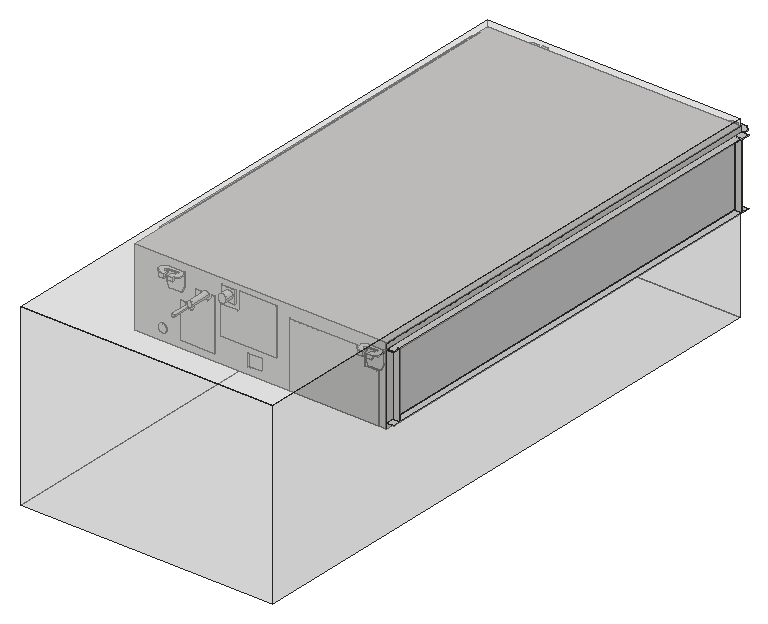
Revit family "outputfile", category 機械設備, Revit 2024
Family settings
  丸型コネクタ寸法 = 半径を使用
  パーツ タイプ = 標準
  OmniClass 番号 = 23.75.10.24.21.27.27
  OmniClass タイトル = Split System Air Conditioning Units
  作業面ベース = いいえ
  常に垂直 = はい
  ロード時にボイドで切り取り = いいえ
  注釈の向きを維持 = いいえ
  共有 = いいえ
  部屋計算ポイント = はい
Parameters (values of type "FBA85BVMA")
  製造元 = "Daikin"
  書き出し IFC クラス(タイプ) = "IfcUnitaryEquipmentType"
  定義済み IFC タイプ(タイプ) = "AIRCONDITIONINGUNIT"
  モデル = "FBA85BVMA"
  switch_frequency = yes
  r_Liquid Pipe Size = Liquid Pipe Size / 2  # 4.75 mm
  r_Gas Pipe Size = Gas Pipe Size / 2  # 7.95 mm
  r_Drain Pipe Size = Drain Pipe Size / 2  # 12.5 mm
  lw_power = 770.0 mm  # constant formula
  lh_SA = 138.0 mm  # constant formula
  lw_SA = if(Width = 550.0 mm, 225.0 mm, if(Width = 700.0 mm, 300.0 mm, if(Width = 1000.0 mm, 450.0 mm, if(Width = 1400.0 mm, 650.0 mm, 725.0 mm))))  # 650.0 mm
  lw_RA = if(Width = 550.0 mm, 275.0 mm, if(Width = 700.0 mm, 349.0 mm, if(Width = 1000.0 mm, 499.0 mm, if(Width = 1400.0 mm, 699.0 mm, 775.0 mm))))  # 699.0 mm
  lh_power = 60.0 mm + [h***]  # 60.0 mm
  lh_mountinghole1 = lh_mountinghole + [h***]  # 222.0 mm
  lh_RA = 123.0 mm  # constant formula
  ld_power = Width / 2  # 700.0 mm
  connector_voltage = Voltage_50Hz  # 230 V
  connector_powerinput = [Power Input (Cooling)]  # 2.020 kW
  connector_phase = Phase_50Hz  # 1
  Voltage_comment_60Hz = "220-230"
  Voltage_comment_50Hz = "220 - 240"
  Voltage_60Hz = 220 V
  Voltage_50Hz = 230 V
  Total Heating Capacity [instance] = 0.000 kW
  Supply Air Direction [instance] = yes
  Sound Power Level_H speed (dB) = 66
  Power Input (Heating) = 1.990 kW
  Phase_60Hz = 1
  Phase_50Hz = 1
  Nominal Heating Capacity = 8.000 kW
  Minimum External Static Pressure = 0.00 Pa
  Minimum Circuit Amps_60Hz = 0.0 A
  Minimum Circuit Amps_50Hz = 0.0 A
  Maximum Fuse Amps_60Hz = 0.0 A
  Maximum Fuse Amps_50Hz = 0.0 A
  Maximum External Static Pressure = 0.00 Pa
  Material_Casing = DAIKIN_GalvanizedSteel_Casing_indoorunit
  lw_mountinghole = 630.0 mm  # constant formula
  lh_gaspipe = 183.0 mm + [h***]  # 183.0 mm
  lh_mountinghole = 222.0 mm  # constant formula
  lh_liquidpipe = 136.0 mm + [h***]  # 136.0 mm
  lh_drainpipe = 207.0 mm + [h***]  # 207.0 mm
  lh_antena = Height - lh_mountinghole + 1.0 mm  # 24.0 mm
  ld_drainpipe = Width / 2 + 26.0 mm  # 726.0 mm
  ld_liquidpipe = Width / 2 + 69.0 mm  # 769.0 mm
  ld_gaspipe = Width / 2 + 65.0 mm  # 765.0 mm
  ld_mountinghole = Width + 38.0 mm  # 1438.0 mm
  h*** = 0.0 mm  # constant formula
  lw_liquidpipe = 179.0 mm  # constant formula
  lw_gaspipe = 229.0 mm  # constant formula
  lw_drainpipe = 300.0 mm  # constant formula
  Width = 1400.0 mm
  Version = "ver.1.0"
  Unit Type = "Duct"
  Unit Mass Weight = 37.00 kg
  Unit Designation [instance] = ""
  Uniclass2015Version = "Products v1.30"
  Uniclass2015Title = "Split coil room air conditioning units"
  Uniclass2015Code = "Pr_70_65_03_86"
  Total Cooling Capacity [instance] = 0.000 kW
  Sound Pressure Level_M speed (dBA) = 35
  Sound Pressure Level_L speed (dBA) = 33
  Sound Pressure Level_H speed (dBA) = 38
  Series = "SkyAir_Fan Coil Unit"
  Sensible Cooling Capacity [instance] = 0.000 kW
  SA Duct Size Width = 1192.0 mm
  SA Duct Size Height = 176.0 mm
  Refrigerant Type = "R32"
  RA Duct Size Width = 1352.0 mm
  RA Duct Size Height = 208.0 mm
  Power Input (Cooling) = 2.020 kW
  Option Accessory 3 [instance] = ""
  Option Accessory 2 [instance] = ""
  Option Accessory 1 [instance] = ""
  Nominal Cooling Capacity = 7.000 kW
  Minimum Airflow = 960.00 m³/h
  Median Airflow = 1170.00 m³/h
  Maximum Airflow = 1380.00 m³/h
  Load Classification = HVAC
  Liquid Pipe Size = 9.5 mm
  Link_Nested Family [instance] = ""
  IfcVersion = ""
  IfcExportType = "AIRCONDITIONINGUNIT"
  IfcExportAs = "IfcUnitaryEquipmentType"
  Height = 245.0 mm
  Heating Entering Wet Bulb Temperature [instance] = -273.15 °C
  Heating Entering Dry Bulb Temperature [instance] = -273.15 °C
  Heating Ambient Wet Bulb Temperature [instance] = -273.15 °C
  Heating Ambient Dry Bulb Temperature [instance] = -273.15 °C
  Heat Exchanger Type = "Cross Fin Coil"
  Gas Pipe Size = 15.9 mm
  Frequency_60Hz = 60 Hz
  Frequency_50Hz = 50 Hz
  Fan Type = "Sirocco Fan"
  Fan Drive = "-"
  FCU Tag No. [instance] = ""
  Drain Pipe Size = 25.0 mm
  Design Supply Airflow [instance] = 0.00 m³/h
  Design Return Airflow [instance] = 0.00 m³/h
  Design External Static Pressure [instance] = 0.00 Pa
  Depth = 800.0 mm
  既定の高さ = 0.0 mm
  Cooling Entering Wet Bulb Temperature [instance] = 0.00 °C
  Cooling Entering Dry Bulb Temperature [instance] = 0.00 °C
  Cooling Ambient Wet Bulb Temperature [instance] = 0.00 °C
  Cooling Ambient Dry Bulb Temperature [instance] = 0.00 °C
  Clearance visibility [instance] = yes
  Clearance Top = 20.0 mm
  Clearance Right = 0.0 mm
  Clearance Rear = 0.0 mm
  Clearance Left = 0.0 mm
  Clearance Front = 450.0 mm
  Clearance Bottom = 300.0 mm
Reference planes
  plane 1 "Center (Front/Back)": y = 0
  plane 2 "h": z = 0
  plane 3 "Center (Left/Right)": x = 0
  plane 4 "Back": y = 700
  plane 5 "Front": y = -700
  plane 6 "Left": x = -400
  plane 7 "Right": x = 400
  plane 8 "Top": z = 0
  plane 9 "Bottom": z = -245
  plane 10: y = -215
  plane 11: y = 700
  plane 12: y = -1150
  plane 13: x = -400
  plane 14: x = 400
  plane 15: z = 20
  plane 16: z = -545
  plane 17: x = -400
  plane 18: x = -399
  plane 19: x = 399
  plane 20: y = 50
  plane 21: y = -1
  plane 22: z = -122
  plane 23: y = -701
  plane 24: z = -109
  plane 25: x = -221
  plane 26: y = -765
  plane 27: z = -62
  plane 28: x = -171
  plane 29: y = -726
  plane 30: z = -38
  plane 31: x = -100
  plane 32: x = -100
  plane 33: x = -221
  plane 34: x = -171
  plane 35: x = 370
  plane 36: x = -266
  plane 37: x = 364
  plane 38: y = -719
  plane 39: y = 719
  plane 40: z = -23
  plane 41: z = -107
  plane 42: y = -769
  plane 43: z = -207
  plane 44: x = -309
  plane 45: y = -376
  plane 46: x = -251
  plane 47: x = -203
  plane 48: x = -144
  plane 49: z = -59
  plane 50: z = -106
  plane 51: z = -221
  plane 52: z = -109
  plane 53: x = -221
  plane 54: z = -62
  plane 55: x = -171
  plane 56: z = -17
  plane 57: z = -59
  plane 58: x = -121
  plane 59: x = -79
  plane 60: x = -125
  plane 61: x = -64
  plane 62: x = 53
  plane 63: z = -164
  plane 64: z = -73
  plane 65: z = -16
  plane 66: x = 93.5
  plane 67: x = 374.5
  plane 68: x = 330
  plane 69: z = -88.5
  plane 70: z = -38
  plane 71: z = -242.5
  plane 72: x = -38.5
  plane 73: x = 6.5
  plane 74: z = -181
  plane 75: z = -221
  plane 76: y = -699
  plane 77: x = -424
  plane 78: x = 424
Forms (mm)
  Extrusion 1, solid, material "DAIKIN_GalvanizedSteel_Casing_indoorunit" <- "Material_Casing"
    sketch origin (0, 0, 0) x (1, 0, 0) y (0, 1, 0)
      loop
        line (-399, 700) -> (-399, -700) -> (399, -700) -> (399, 700) -> (-399, 700)
    from -245 to 0
  Extrusion 2, solid, material "DAIKIN_GalvanizedSteel_Casing_indoorunit" <- "Material_Casing"
    sketch origin (0, 0, 0) x (1, 0, 0) y (0, 0, 1)
      loop
        line (-251, -221) -> (-144, -221) -> (-144, -59) -> (-154.47, -59)
        arc (-154.47, -59) -> (-171, -78.8) -> (-187.53, -59) r 16.8
        line (-187.53, -59) -> (-203, -59) -> (-203, -106) -> (-206.916, -106)
        arc (-206.916, -106) -> (-221, -123.4) -> (-235.084, -106) r 14.4
        line (-235.084, -106) -> (-251, -106) -> (-251, -221)
    from 700 to 701
  Extrusion 3, solid, material "DAIKIN_GalvanizedSteel_Casing_indoorunit" <- "Material_Casing"
    sketch origin (0, 0, 0) x (1, 0, 0) y (0, 0, 1)
      loop
        line (-121, -17) -> (-121, -59) -> (-79, -59) -> (-79, -17) -> (-121, -17)
      loop
        line (-125, -73) -> (-125, -164) -> (53, -164) -> (53, -16) -> (-64, -16) -> (-64, -73) -> (-125, -73)
    from 700 to 701
  Extrusion 4, solid, material "DAIKIN_GalvanizedSteel_Casing_indoorunit" <- "Material_Casing"
    sketch origin (0, 0, 0) x (1, 0, 0) y (0, 0, 1)
      loop
        line (93.5, -38) -> (93.5, -242.5) -> (374.5, -242.5) -> (374.5, -88.5) -> (330, -88.5) -> (330, -38) -> (93.5, -38)
    from 700 to 701
  Extrusion 5, solid, material "DAIKIN_GalvanizedSteel_Casing_indoorunit" <- "Material_Casing"
    sketch origin (0, 0, 0) x (1, 0, 0) y (0, 0, 1)
      loop
        circle (-221, -109) r 4.75
    from 700 to 769
  Extrusion 6, solid, material "DAIKIN_GalvanizedSteel_Casing_indoorunit" <- "Material_Casing"
    sketch origin (0, 0, 0) x (1, 0, 0) y (0, 0, 1)
      loop
        circle (-171, -62) r 7.95
    from 700 to 765
  Extrusion 7, solid, material "DAIKIN_GalvanizedSteel_Casing_indoorunit" <- "Material_Casing"
    sketch origin (0, 0, 0) x (1, 0, 0) y (0, 0, 1)
      loop
        circle (-100, -38) r 12.5
    from 701 to 726
  Extrusion 8, solid, material "DAIKIN_GalvanizedSteel_Casing_indoorunit" <- "Material_Casing"
    sketch origin (0, 0, 0) x (1, 0, 0) y (0, 0, 1)
      loop
        circle (-309, -207) r 13
    from 700 to 526
  Extrusion 9, void
    sketch origin (0, 0, 0) x (1, 0, 0) y (0, 0, 1)
      loop
        line (-38.5, -181) -> (-38.5, -221) -> (6.5, -221) -> (6.5, -181) -> (-38.5, -181)
    from 699 to 700
Cuts and joins
  Extrusion 9 cuts Extrusion 1
Dimensions and locks
  "Height": plane 8 "Top" to plane 9 "Bottom"
  equal spacing: plane 4 "Back", plane 1 "Center (Front/Back)", plane 5 "Front"
  "Width": plane 4 "Back" to plane 5 "Front"
  equal spacing: plane 6 "Left", plane 3 "Center (Left/Right)", plane 7 "Right"
  "Depth": plane 6 "Left" to plane 7 "Right"
  "Clearance Left": plane 13 to plane 6 "Left"
  "Clearance Right": plane 7 "Right" to plane 14
  "Clearance Rear": plane 11 to plane 4 "Back"
  "Clearance Front": plane 5 "Front" to plane 12
  "Clearance Top": plane 15 to plane 8 "Top"
  "Clearance Bottom": plane 9 "Bottom" to plane 16
  locked: plane 17 to plane 18 at 1
  locked: plane 19 to plane 14 at 1
  "lw_SA": plane 11 to plane 20
  "lw_RA": plane 21 to plane 5 "Front"
  "lh_RA": plane 22 to plane 9 "Bottom"
  locked: plane 5 "Front" to plane 23 at 1
  "lw_liquidpipe": plane 25 to plane 6 "Left"
  "lh_liquidpipe": plane 24 to plane 9 "Bottom"
  "lh_gaspipe": plane 27 to plane 9 "Bottom"
  "lw_gaspipe": plane 28 to plane 6 "Left"
  "ld_gaspipe": plane 26 to plane 1 "Center (Front/Back)"
  "ld_drainpipe": plane 29 to plane 1 "Center (Front/Back)"
  "lh_drainpipe": plane 30 to plane 9 "Bottom"
  "lw_drainpipe": plane 31 to plane 6 "Left"
  "lw_drainpipe": plane 6 "Left" to plane 32
  "lw_liquidpipe": plane 6 "Left" to plane 33
  "lw_gaspipe": plane 6 "Left" to plane 34
  "lw_power": plane 6 "Left" to plane 35
  locked: plane 17 to plane 36 at 134
  "lw_mountinghole": plane 36 to plane 37
  equal spacing: plane 38, plane 1 "Center (Front/Back)", plane 39
  "ld_mountinghole": plane 39 to plane 38
  "lh_mountinghole": plane 40 to plane 9 "Bottom"
  "lh_SA": plane 41 to plane 9 "Bottom"
  locked: plane 44 to plane 6 "Left" at 91
  locked: plane 43 to plane 9 "Bottom" at 38
  plane 48 to plane 47 to plane 46 to plane 6 "Left" = 59.0 mm, 48.0 mm, 149.0 mm
  plane 8 "Top" to plane 49 to plane 50 to plane 51 = 59.0 mm locked, 47.0 mm locked, 115.0 mm locked
  plane 55 to plane 53 to plane 6 "Left" = 50.0 mm locked, 179.0 mm locked
  plane 54 to plane 52 to plane 9 "Bottom" = 47.0 mm locked, 136.0 mm locked
  plane 59 to plane 58 to plane 6 "Left" = 42.0 mm locked, 279.0 mm locked
  plane 8 "Top" to plane 56 to plane 57 = 17.0 mm locked, 42.0 mm locked
  plane 62 to plane 61 to plane 60 to plane 6 "Left" = 117.0 mm, 61.0 mm, 275.0 mm
  plane 8 "Top" to plane 65 to plane 64 = 16.0 mm locked, 57.0 mm locked
  locked: plane 65 to plane 63 at 148
  plane 8 "Top" to plane 70 to plane 69 to plane 71 = 38.0 mm locked, 50.5 mm locked, 154.0 mm locked
  plane 67 to plane 68 to plane 66 to plane 6 "Left" = 44.5 mm locked, 236.5 mm locked, 493.5 mm locked
  plane 8 "Top" to plane 74 to plane 75 = 181.0 mm locked, 40.0 mm locked
  plane 73 to plane 72 to plane 6 "Left" = 45.0 mm, 361.5 mm
  locked: plane 76 to plane 5 "Front" at 1
  locked: plane 77 to plane 17 at 24
  locked: plane 14 to plane 78 at 24
  "ld_liquidpipe": plane 42 to plane 1 "Center (Front/Back)"
  "r_Liquid Pipe Size": radius of Extrusion 5 sketch curve
  "r_Gas Pipe Size": radius of Extrusion 6 sketch curve
  "r_Drain Pipe Size": radius of Extrusion 7 sketch curve
  aligned and locked: level to plane 2 "h"
  aligned and locked: plane 8 "Top" to Extrusion 1
  aligned and locked: Extrusion 1 to plane 9 "Bottom"
  aligned and locked: nested 5 to plane 12
  aligned and locked: plane 13 to nested 5
  aligned and locked: plane 14 to nested 5
  aligned and locked: nested 5 to plane 13
  aligned and locked: plane 11 to nested 5
  aligned and locked: plane 15 to nested 5
  aligned and locked: plane 16 to nested 5
  aligned and locked: plane 5 "Front" to Extrusion 1 sketch curve
  aligned and locked: Extrusion 1 to plane 18
  aligned and locked: plane 19 to Extrusion 1
  aligned and locked: nested 7 to plane 18
  aligned and locked: nested 7 to plane 20
  aligned and locked: plane 19 to nested 8
  aligned and locked: plane 21 to nested 8
  aligned and locked: plane 22 to nested 8
  aligned and locked: Extrusion 2 to plane 23
  aligned and locked: plane 5 "Front" to Extrusion 2
  aligned and locked: Extrusion 3 to plane 23
  aligned and locked: plane 5 "Front" to Extrusion 3
  aligned and locked: plane 5 "Front" to Extrusion 4
  aligned and locked: Extrusion 5 sketch curve to plane 25
  aligned and locked: plane 24 to Extrusion 5 sketch curve
  aligned and locked: plane 5 "Front" to Extrusion 5
  aligned and locked: Extrusion 6 sketch curve to plane 28
  aligned and locked: plane 27 to Extrusion 6 sketch curve
  aligned and locked: plane 5 "Front" to Extrusion 6
  aligned and locked: Extrusion 7 sketch curve to plane 31
  aligned and locked: Extrusion 7 sketch curve to plane 30
  aligned and locked: Extrusion 7 to plane 29
  aligned and locked: plane 23 to Extrusion 7
  aligned and locked: nested 3 to plane 29
  aligned and locked: nested 3 to plane 32
  aligned and locked: nested 2 to plane 33
  aligned and locked: nested 1 to plane 34
  aligned and locked: Extrusion 6 to plane 26
  aligned and locked: nested 1 to plane 26
  aligned and locked: nested 6 to plane 5 "Front"
  aligned and locked: nested 6 to plane 35
  aligned and locked: plane 36 to nested 10
  aligned and locked: nested 10 to plane 5 "Front"
  aligned and locked: plane 37 to nested 9
  aligned and locked: nested 9 to plane 5 "Front"
  aligned and locked: nested 11 to plane 36
  aligned and locked: plane 4 "Back" to nested 11
  aligned and locked: nested 12 to plane 37
  aligned and locked: plane 4 "Back" to nested 12
  aligned and locked: plane 40 to nested 10
  aligned and locked: plane 40 to nested 11
  aligned and locked: plane 40 to nested 9
  aligned and locked: plane 40 to nested 12
  aligned and locked: plane 36 to nested 14
  aligned and locked: nested 14 to plane 39
  aligned and locked: plane 37 to nested 13
  aligned and locked: nested 13 to plane 39
  aligned and locked: plane 37 to nested 16
  aligned and locked: plane 38 to nested 16
  aligned and locked: plane 38 to nested 15
  aligned and locked: plane 36 to nested 15
  aligned and locked: plane 17 to plane 6 "Left"
  aligned and locked: plane 41 to nested 7
  aligned and locked: Extrusion 5 to plane 42
  aligned and locked: nested 2 to plane 42
  aligned and locked: Extrusion 8 sketch curve to plane 44
  aligned and locked: plane 43 to Extrusion 8 sketch curve
  aligned and locked: plane 5 "Front" to Extrusion 8
  aligned and locked: Extrusion 3 sketch curve to plane 56
  aligned and locked: Extrusion 3 sketch curve to plane 58
  aligned and locked: plane 57 to Extrusion 3 sketch curve
  aligned and locked: plane 59 to Extrusion 3 sketch curve
  aligned and locked: Extrusion 4 to plane 23
  aligned and locked: Extrusion 9 sketch curve to plane 74
  aligned and locked: plane 75 to Extrusion 9 sketch curve
  aligned and locked: plane 73 to Extrusion 9 sketch curve
  aligned and locked: plane 5 "Front" to Extrusion 9
  aligned and locked: plane 76 to Extrusion 9
  aligned and locked: nested 17 to plane 20
  aligned and locked: nested 17 to plane 77
  aligned and locked: plane 21 to nested 18
  aligned and locked: plane 78 to nested 18
  aligned and locked: plane 41 to nested 17
  aligned and locked: nested 18 to plane 22
  aligned and locked: nested 4 to plane 3 "Center (Left/Right)"
  aligned and locked: plane 1 "Center (Front/Back)" to nested 4
  aligned and locked: level to plane 8 "Top"
Automatic sketch dimensions
  plane 6 "Left" to Extrusion 1 sketch curve = 1.0 mm
  Extrusion 1 sketch curve to plane 7 "Right" = 1.0 mm
  Extrusion 1 sketch curve to plane 4 "Back" = 0.0 mm
  Extrusion 2 sketch curve to plane 46 = 0.0 mm
  Extrusion 2 sketch curve to plane 33 = 0.0 mm
  Extrusion 2 sketch curve to plane 47 = 0.0 mm
  Extrusion 2 sketch curve to plane 34 = 0.0 mm
  Extrusion 2 sketch curve to plane 48 = 0.0 mm
  Extrusion 2 sketch curve to plane 51 = 0.0 mm
  Extrusion 2 sketch curve to plane 52 = 0.0 mm
  Extrusion 2 sketch curve to plane 50 = 0.0 mm  (x3)
  Extrusion 2 sketch curve to plane 54 = 0.0 mm
  Extrusion 2 sketch curve to plane 49 = 0.0 mm  (x3)
  plane 33 to Extrusion 2 sketch curve = 14.084 mm
  plane 34 to Extrusion 2 sketch curve = 16.53 mm
  Extrusion 3 sketch curve to plane 60 = 0.0 mm
  Extrusion 3 sketch curve to plane 61 = 0.0 mm
  Extrusion 3 sketch curve to plane 62 = 0.0 mm
  Extrusion 3 sketch curve to plane 63 = 0.0 mm
  Extrusion 3 sketch curve to plane 64 = 0.0 mm
  Extrusion 3 sketch curve to plane 65 = 0.0 mm
  Extrusion 4 sketch curve to plane 66 = 0.0 mm
  Extrusion 4 sketch curve to plane 68 = 0.0 mm
  Extrusion 4 sketch curve to plane 67 = 0.0 mm
  Extrusion 4 sketch curve to plane 71 = 0.0 mm
  Extrusion 4 sketch curve to plane 69 = 0.0 mm
  Extrusion 4 sketch curve to plane 70 = 0.0 mm
  Extrusion 9 sketch curve to plane 72 = 0.0 mm
  radius of Extrusion 8 sketch curve = 13.0 mm
Nested families
  nested 1: "daikin_connector_rotate2" at (-171, 0, -62), length <- "ld_gaspipe", built-in parameter 1001364 <- "lh_gaspipe", radius <- "r_Gas Pipe Size", type "daikin_connector_rotate2"
    with radius 7.95 mm, length 765.0 mm, angle_vertical 90.00°
  nested 2: "daikin_connector_rotate2" at (-221, 0, -109), length <- "ld_liquidpipe", built-in parameter 1001364 <- "lh_liquidpipe", radius <- "r_Liquid Pipe Size", type "daikin_connector_rotate2"
    with radius 4.75 mm, length 769.0 mm, angle_vertical 90.00°
  nested 3: "daikin_connector_rotate2" at (-100, 0, -38), length <- "ld_drainpipe", built-in parameter 1001364 <- "lh_drainpipe", radius <- "r_Drain Pipe Size", type "daikin_connector_rotate2"
    with radius 12.5 mm, length 726.0 mm, angle_vertical 90.00°
  nested 4: "daikin_△_symbolicline" at (0, 0, 245) x (0, -1, 0) z (0, 0, 1), built-in parameter 1001364 <- "Height", visible <- "Supply Air Direction", type "daikin_△_symbolicline"
    with length 200.0 mm
  nested 5: "daikin_clearancespace" at (0, -225, -262.381), visible <- "Clearance visibility", show <- "Clearance visibility", Link_Nested Family <- "Link_Nested Family", type "daikin_clearancespace"
    with width 800.0 mm, show yes, height 565.0 mm, depth 1850.0 mm, Link_Nested Family ""
  nested 6: "daikin_connector_rotate2" at (370, 0, -185), built-in parameter 1001364 <- "lh_power", length <- "ld_power", type "daikin_connector_rotate2"
    with radius 10.0 mm, length 700.0 mm, angle_vertical 90.00°
  nested 7: "daikin_ductflange_FBA-BVMA2" at (-399, 50, -107) x (0, -1, 0) z (0, 0, 1), type "daikin_ductflange_FBA-BVMA2"
  nested 8: "daikin_ductflange_FBA-BVMA" at (399, -1, -122) x (0, 1, 0) z (0, 0, 1), type "daikin_ductflange_FBA-BVMA"
    with width 1352.0 mm, lw 25.0 mm, w 1400.0 mm
  nested 9: "daikin_hangerfixture_FBA-BVMA" at (364, -700, -23), type "daikin_hangerfixture_FBA-BVMA"
  nested 10: "daikin_hangerfixture_FBA-BVMA" at (-266, -700, -23), type "daikin_hangerfixture_FBA-BVMA"
  nested 11: "daikin_hangerfixture_FBA-BVMA" at (-266, 700, -23) x (-1, 0, 0) z (0, 0, 1), type "daikin_hangerfixture_FBA-BVMA"
  nested 12: "daikin_hangerfixture_FBA-BVMA" at (364, 700, -23) x (-1, 0, 0) z (0, 0, 1), type "daikin_hangerfixture_FBA-BVMA"
  nested 13: "daikin_mountinghole" at (364, 719, -245), h_mountinghole <- "lh_mountinghole1", l_antenna <- "lh_antena", Link_Nested Family <- "Link_Nested Family", type "daikin_mountinghole"
    with show yes, l_antenna 24.0 mm, h_mountinghole 222.0 mm, Link_Nested Family ""
  nested 14: "daikin_mountinghole" at (-266, 719, -245), h_mountinghole <- "lh_mountinghole1", l_antenna <- "lh_antena", Link_Nested Family <- "Link_Nested Family", type "daikin_mountinghole"
    with show yes, l_antenna 24.0 mm, h_mountinghole 222.0 mm, Link_Nested Family ""
  nested 15: "daikin_mountinghole" at (-266, -719, -245), h_mountinghole <- "lh_mountinghole1", l_antenna <- "lh_antena", Link_Nested Family <- "Link_Nested Family", type "daikin_mountinghole"
    with show yes, l_antenna 24.0 mm, h_mountinghole 222.0 mm, Link_Nested Family ""
  nested 16: "daikin_mountinghole" at (364, -719, -245), h_mountinghole <- "lh_mountinghole1", l_antenna <- "lh_antena", Link_Nested Family <- "Link_Nested Family", type "daikin_mountinghole"
    with show yes, l_antenna 24.0 mm, h_mountinghole 222.0 mm, Link_Nested Family ""
  nested 17: "daikin_connector_rotate2" at (-400, 50, -107) x (0, -1, 0) z (0, 0, 1), type "daikin_connector_rotate2"
    with radius 10.0 mm, length 24.0 mm, angle_vertical 90.00°
  nested 18: "daikin_connector_rotate2" at (400, -1, -122) x (0, 1, 0) z (0, 0, 1), type "daikin_connector_rotate2"
    with radius 10.0 mm, length 24.0 mm, angle_vertical 90.00°
Connectors
  piping at (-100, -726, -38), diameter 25, driven by "r_Drain Pipe Size"
    settings: on nested 3, index 3, connector inside diameter 609.6 mm, connector length 0.0 mm, flow factor 0, pipe flow 0.00 m³/h, pressure drop 0.0 Pa, fitting loss kfactor 0, connector angle 0.00°, fixture units 0, engagement length 0.0 mm, angle of deflection 0.00°, flow configuration 1, flow direction 2, fitting loss method 4, system type 16, joint type 0, gender type 0, connector reference index -1, connector utility 0, adjustable connector no, is connector primary yes, connector description "Condensate Drain Piping"
  piping at (-171, -765, -62), diameter 15.9, driven by "r_Gas Pipe Size"
    settings: on nested 1, index 4, connector inside diameter 609.6 mm, connector length 0.0 mm, flow factor 0, pipe flow 0.00 m³/h, pressure drop 0.0 Pa, fitting loss kfactor 0, connector angle 0.00°, fixture units 0, engagement length 0.0 mm, angle of deflection 0.00°, flow configuration 1, flow direction 2, fitting loss method 0, system type 29, joint type 0, gender type 0, connector reference index -1, connector utility 0, adjustable connector no, is connector primary no, connector description "Refrigerant Gas Piping"
  piping at (-221, -769, -109), diameter 9.5, driven by "r_Liquid Pipe Size"
    settings: on nested 2, index 5, connector inside diameter 609.6 mm, connector length 0.0 mm, flow factor 0, pipe flow 0.00 m³/h, pressure drop 0.0 Pa, fitting loss kfactor 0, connector angle 0.00°, fixture units 0, engagement length 0.0 mm, angle of deflection 0.00°, flow configuration 1, flow direction 1, fitting loss method 0, system type 29, joint type 0, gender type 0, connector reference index -1, connector utility 0, adjustable connector no, is connector primary no, connector description "Refrigerant Liquid Piping"
  electrical at (370, -700, -185), driven by "Load Classification", driven by "connector_voltage", driven by "connector_phase", driven by "connector_powerinput"
    settings: on nested 6, index 6, voltage 230 V, apparent load 2020 VA, apparent load phase1 0 VA, apparent load phase2 0 VA, apparent load phase3 0 VA, power factor 1, load classification "HVAC", number of poles 1, system type 30, power factor state 1, is connector primary yes, connector utility no, sub classification motor no, connector description "Power Supply"
  hvac at (-424, 50, -107), driven by "SA Duct Size Height", driven by "SA Duct Size Width"
    settings: on nested 17, index 7, duct flow 0.00 m³/h, flow factor 0, pres drop 0.00 Pa, loss coef 0, conn angle 0.00°, conn width 1192.0 mm, conn height 176.0 mm, conn diameter 609.6 mm, duct sys type 1, conn prof type 1, flow config 0, flow direction 2, loss method 4, conn ref index -1, conn util no, is conn primary yes, conn desc "SA Duct"
  hvac at (424, -1, -122), driven by "RA Duct Size Height", driven by "RA Duct Size Width"
    settings: on nested 18, index 8, duct flow 0.00 m³/h, flow factor 0, pres drop 0.00 Pa, loss coef 0, conn angle 0.00°, conn width 1352.0 mm, conn height 208.0 mm, conn diameter 609.6 mm, duct sys type 2, conn prof type 1, flow config 0, flow direction 1, loss method 4, conn ref index -1, conn util no, is conn primary no, conn desc "RA Duct"
Definition of nested family "daikin_clearancespace"
  Parameters (values of type "daikin_clearancespace")
    Description = "daikin_clearancespace"
    width [instance] = 1823.963 mm
    show [instance] = yes
    material = none
    height [instance] = 1359.762 mm
    depth [instance] = 880.0 mm
    Default Elevation = 0.0 mm
    Link_Nested Family [instance] = ""
  Reference planes
    plane 1 "Center (Front/Back)": y = 0
    plane 2 "Center (Elevation)": z = -0.119
    plane 3 "Center (Left/Right)": x = 0
    plane 4: y = 440
    plane 5: y = -440
    plane 6 "Right": x = 911.982
    plane 7 "Left": x = -911.982
    plane 8 "Top": z = 679.762
    plane 9 "Bottom": z = -680
  Forms (mm)
    Extrusion 1, solid, material <- "material", visible <- "show"
      sketch origin (0, 0, 0) x (1, 0, 0) y (0, 1, 0)
        loop
          line (-911.982, 440) -> (-911.982, -440) -> (911.982, -440) -> (911.982, 440) -> (-911.982, 440)
      from -680 to 679.762
  Lines and regions (mm)
    symbolic lines, visible <- "show"
      curve 1: line (911.982, 440, 0) -> (-911.982, 440, 0)
      curve 2: line (-911.982, 440, 0) -> (-911.982, -440, 0)
      curve 3: line (-911.982, -440, 0) -> (911.982, -440, 0)
      curve 4: line (911.982, -440, 0) -> (911.982, 440, 0)
      curve 5: line (911.982, 0, 679.762) -> (-911.982, 0, 679.762)
      curve 6: line (911.982, 0, -680) -> (911.982, 0, 679.762)
      curve 7: line (-911.982, 0, -680) -> (911.982, 0, -680)
      curve 8: line (-911.982, 0, 679.762) -> (-911.982, 0, -680)
      curve 9: line (0, 440, 679.762) -> (0, -440, 679.762)
      curve 10: line (0, -440, 679.762) -> (0, -440, -680)
      curve 11: line (0, 440, -680) -> (0, 440, 679.762)
      curve 12: line (0, -440, -680) -> (0, 440, -680)
  Dimensions and locks
    "width": plane 7 "Left" to plane 6 "Right"
    "depth": plane 4 to plane 5
    "height": plane 8 "Top" to plane 9 "Bottom"
    equal spacing: plane 7 "Left", plane 3 "Center (Left/Right)", plane 6 "Right"
    equal spacing: plane 4, plane 1 "Center (Front/Back)", plane 5
    equal spacing: plane 8 "Top", plane 2 "Center (Elevation)", plane 9 "Bottom"
    aligned and locked: level to plane 2 "Center (Elevation)"
    aligned and locked: Extrusion 1 sketch curve to plane 4
    aligned and locked: plane 7 "Left" to Extrusion 1 sketch curve
    aligned and locked: Extrusion 1 sketch curve to plane 5
    aligned and locked: Extrusion 1 sketch curve to plane 6 "Right"
    aligned and locked: plane 8 "Top" to Extrusion 1
    aligned and locked: curve 1 to Extrusion 1
    aligned and locked: curve 2 to Extrusion 1
    aligned and locked: curve 3 to Extrusion 1
    aligned and locked: curve 4 to Extrusion 1
    aligned and locked: curve 5 to Extrusion 1
    aligned and locked: curve 6 to Extrusion 1
    aligned and locked: curve 7 to Extrusion 1
    aligned and locked: curve 8 to Extrusion 1
    aligned and locked: curve 9 to Extrusion 1
    aligned and locked: curve 10 to Extrusion 1
    aligned and locked: curve 11 to Extrusion 1
    aligned and locked: curve 12 to Extrusion 1
    aligned and locked: Extrusion 1 to plane 9 "Bottom"
Definition of nested family "daikin_ductflange_FBA-BVMA2"
  Parameters (values of type "daikin_ductflange_FBFC-DVMG2")
    width = if(w = 550.0 mm, 337.0 mm, if(w = 700.0 mm, 492.0 mm, if(w = 1000.0 mm, 792.0 mm, if(w = 1400.0 mm, 1192.0 mm, 1337.0 mm))))  # 1192.0 mm
    material = none
    height = 215.0 mm
    depth = 1.0 mm
    w = 1400.0 mm
    Default Elevation = 0.0 mm
  Reference planes
    plane 1 "Center (Front/Back)": y = 0
    plane 2: z = 0
    plane 3 "Center (Left/Right)": x = 0
    plane 4: z = 88
    plane 5: z = -88
    plane 6: y = -25
    plane 7: z = 106
    plane 8: z = 89
    plane 9: y = -1
    plane 10: x = -617.5
    plane 11: x = 617.5
    plane 12: z = -106
    plane 13: z = -89
    plane 14: y = -1
    plane 15: x = 596
    plane 16: x = -596
    plane 17: x = 597
    plane 18: z = 87
    plane 19: z = -87
    plane 20: x = -597
    plane 21: z = 87
    plane 22: z = -87
    plane 23: y = -1
  Forms (mm)
    Extrusion 1, solid, material <- "material"
      sketch origin (0, 0, 0) x (0, 1, 0) y (0, 0, 1)
        loop
          line (-25, 88) -> (0, 88) -> (0, 106) -> (-1, 106) -> (-1, 89) -> (-25, 89) -> (-25, 88)
      from -617.5 to 617.5
    Extrusion 2, solid, material <- "material"
      sketch origin (0, 0, 0) x (0, 1, 0) y (0, 0, 1)
        loop
          line (-25, -88) -> (-25, -89) -> (-1, -89) -> (-1, -106) -> (0, -106) -> (0, -88) -> (-25, -88)
      from -617.5 to 617.5
    Extrusion 3, solid, material <- "material"
      sketch origin (0, 0, 0) x (1, 0, 0) y (0, 0, 1)
        loop
          line (596, 88) -> (596, -88) -> (617.5, -88) -> (617.5, -87) -> (597, -87) -> (597, 87) -> (617.5, 87) -> (617.5, 88) -> (596, 88)
      from 0 to 25
    Extrusion 4, solid, material <- "material"
      sketch origin (0, 0, 0) x (1, 0, 0) y (0, 0, 1)
        loop
          line (-617.5, 88) -> (-617.5, 87) -> (-597, 87) -> (-597, -87) -> (-617.5, -87) -> (-617.5, -88) -> (-596, -88) -> (-596, 88) -> (-617.5, 88)
      from 0 to 25
    Extrusion 5, solid, material <- "material"
      sketch origin (0, 0, 0) x (1, 0, 0) y (0, 0, 1)
        loop
          line (-617.5, 88) -> (-617.5, -88) -> (-596, -88) -> (-596, 88) -> (-617.5, 88)
        loop
          line (617.5, 88) -> (596, 88) -> (596, -88) -> (617.5, -88) -> (617.5, 88)
      from 0 to 1
  Cuts and joins
    joined: Extrusion 1, Extrusion 2, Extrusion 3, Extrusion 4, Extrusion 5
  Dimensions and locks
    plane 4 to level to plane 5 = 88.0 mm, 88.0 mm
    locked: plane 6 to plane 1 "Center (Front/Back)" at 25
    locked: plane 9 to plane 1 "Center (Front/Back)" at 1
    locked: plane 8 to plane 4 at 1
    locked: plane 16 to plane 10 at 21.5
    locked: plane 17 to plane 15 at 1
    locked: plane 4 to plane 18 at 1
    locked: plane 19 to plane 5 at 1
    "width": plane 15 to plane 16
    plane 4 to plane 5 = 176.0 mm
    locked: plane 16 to plane 20 at 1
    locked: plane 4 to plane 21 at 1
    locked: plane 22 to plane 5 at 1
    locked: plane 23 to plane 1 "Center (Front/Back)" at 1
    plane 4 to level to plane 5 = 88.0 mm locked, 88.0 mm locked
    locked: plane 5 to plane 13 at 1
    locked: plane 5 to plane 12 at 18
    locked: plane 7 to plane 4 at 18
    equal spacing: plane 15, plane 3 "Center (Left/Right)", plane 16
    locked: plane 11 to plane 15 at 21.5
    plane 11 to plane 10 = 1235.0 mm
    aligned and locked: level to plane 2
    aligned and locked: Extrusion 1 to plane 10
    aligned and locked: plane 11 to Extrusion 1
    aligned and locked: plane 5 to Extrusion 2
    aligned and locked: Extrusion 2 to plane 1 "Center (Front/Back)"
    aligned and locked: plane 15 to Extrusion 3 sketch curve
    aligned and locked: Extrusion 3 sketch curve to Extrusion 2  (x2)
    aligned and locked: Extrusion 3 sketch curve to plane 11
    aligned and locked: plane 6 to Extrusion 3
    aligned and locked: Extrusion 2 to plane 10
    aligned and locked: plane 11 to Extrusion 2
    aligned and locked: Extrusion 4 sketch curve to Extrusion 1  (x2)
    aligned and locked: plane 5 to Extrusion 4 sketch curve
    aligned and locked: Extrusion 4 sketch curve to plane 16
    aligned and locked: Extrusion 4 sketch curve to plane 22
    aligned and locked: plane 20 to Extrusion 4 sketch curve
    aligned and locked: plane 21 to Extrusion 4 sketch curve
    aligned and locked: Extrusion 4 to plane 1 "Center (Front/Back)"
    aligned and locked: plane 6 to Extrusion 4
    aligned and locked: Extrusion 5 sketch curve to Extrusion 1  (x4)
    aligned and locked: Extrusion 5 sketch curve to Extrusion 4  (x2)
    aligned and locked: Extrusion 5 sketch curve to Extrusion 3  (x2)
    aligned and locked: Extrusion 5 to plane 1 "Center (Front/Back)"
    aligned and locked: plane 23 to Extrusion 5
  Automatic sketch dimensions
    Extrusion 1 sketch curve to plane 6 = 0.0 mm
    Extrusion 1 sketch curve to plane 7 = 0.0 mm
    Extrusion 1 sketch curve to plane 9 = 0.0 mm
    Extrusion 1 sketch curve to plane 1 "Center (Front/Back)" = 0.0 mm
    Extrusion 1 sketch curve to plane 4 = 0.0 mm
    Extrusion 1 sketch curve to plane 8 = 0.0 mm
    Extrusion 2 sketch curve to plane 6 = 0.0 mm
    plane 12 to Extrusion 2 sketch curve = 0.0 mm
    Extrusion 2 sketch curve to plane 14 = 0.0 mm
    Extrusion 2 sketch curve to plane 1 "Center (Front/Back)" = 0.0 mm
    plane 13 to Extrusion 2 sketch curve = 0.0 mm
    Extrusion 2 sketch curve to plane 5 = 0.0 mm
    Extrusion 3 sketch curve to plane 17 = 0.0 mm
    Extrusion 3 sketch curve to plane 19 = 0.0 mm
    Extrusion 3 sketch curve to plane 18 = 0.0 mm
    Extrusion 3 sketch curve to plane 4 = 0.0 mm
    Extrusion 4 sketch curve to plane 10 = 0.0 mm
Definition of nested family "daikin_ductflange_FBA-BVMA"
  Parameters (values of type "daikin_ductflange_FBFC-DVMG")
    width = if(w = 550.0 mm, 502.0 mm, if(w = 700.0 mm, 654.0 mm, if(w = 1000.0 mm, 952.0 mm, if(w = 1400.0 mm, 1352.0 mm, 1502.0 mm))))  # 654.0 mm
    material = none
    lw = if(width = 654.0 mm, 23.0 mm, 25.0 mm)  # 23.0 mm
    height = 208.0 mm
    depth = 1.0 mm
    w = 700.0 mm
    Default Elevation = 0.0 mm
  Reference planes
    plane 1 "Center (Front/Back)": y = 0
    plane 2: z = 0
    plane 3 "Center (Left/Right)": x = 0
    plane 4: z = 104
    plane 5: z = -104
    plane 6: y = -25
    plane 7: z = 121
    plane 8: z = 105
    plane 9: y = -1
    plane 10: x = -350
    plane 11: x = 350
    plane 12: z = -122
    plane 13: z = -105
    plane 14: y = -1
    plane 15: x = 327
    plane 16: x = -327
    plane 17: x = 328
    plane 18: z = 103
    plane 19: z = -103
    plane 20: x = -328
    plane 21: z = 103
    plane 22: z = -103
    plane 23: y = -1
  Forms (mm)
    Extrusion 1, solid, material <- "material"
      sketch origin (0, 0, 0) x (0, 1, 0) y (0, 0, 1)
        loop
          line (-25, 104) -> (0, 104) -> (0, 121) -> (-1, 121) -> (-1, 105) -> (-25, 105) -> (-25, 104)
      from -350 to 350
    Extrusion 2, solid, material <- "material"
      sketch origin (0, 0, 0) x (0, 1, 0) y (0, 0, 1)
        loop
          line (-25, -104) -> (-25, -105) -> (-1, -105) -> (-1, -122) -> (0, -122) -> (0, -104) -> (-25, -104)
      from -350 to 350
    Extrusion 3, solid, material <- "material"
      sketch origin (0, 0, 0) x (1, 0, 0) y (0, 0, 1)
        loop
          line (327, 104) -> (327, -104) -> (350, -104) -> (350, -103) -> (328, -103) -> (328, 103) -> (350, 103) -> (350, 104) -> (327, 104)
      from 0 to 25
    Extrusion 4, solid, material <- "material"
      sketch origin (0, 0, 0) x (1, 0, 0) y (0, 0, 1)
        loop
          line (-350, 104) -> (-350, 103) -> (-328, 103) -> (-328, -103) -> (-350, -103) -> (-350, -104) -> (-327, -104) -> (-327, 104) -> (-350, 104)
      from 0 to 25
    Extrusion 5, solid, material <- "material"
      sketch origin (0, 0, 0) x (1, 0, 0) y (0, 0, 1)
        loop
          line (-350, 104) -> (-350, -104) -> (-327, -104) -> (-327, 104) -> (-350, 104)
        loop
          line (350, 104) -> (327, 104) -> (327, -104) -> (350, -104) -> (350, 104)
      from 0 to 1
  Cuts and joins
    joined: Extrusion 1, Extrusion 2, Extrusion 3, Extrusion 4, Extrusion 5
  Dimensions and locks
    plane 4 to level to plane 5 = 104.0 mm, 104.0 mm
    locked: plane 6 to plane 1 "Center (Front/Back)" at 25
    locked: plane 9 to plane 1 "Center (Front/Back)" at 1
    locked: plane 8 to plane 4 at 1
    "lw": plane 11 to plane 15
    "lw": plane 16 to plane 10
    locked: plane 17 to plane 15 at 1
    locked: plane 4 to plane 18 at 1
    locked: plane 19 to plane 5 at 1
    "width": plane 15 to plane 16
    equal spacing: plane 15, plane 3 "Center (Left/Right)", plane 16
    locked: plane 16 to plane 20 at 1
    locked: plane 4 to plane 21 at 1
    locked: plane 22 to plane 5 at 1
    locked: plane 23 to plane 1 "Center (Front/Back)" at 1
    locked: plane 7 to plane 4 at 17
    locked: plane 1 "Center (Front/Back)" to plane 14 at 1
    locked: plane 5 to plane 13 at 1
    "height": plane 4 to plane 5
    plane 11 to plane 10 = 700.0 mm
    locked: plane 12 to plane 13 at 17
    equal spacing: plane 4, level, plane 5
    aligned and locked: level to plane 2
    aligned and locked: Extrusion 1 to plane 10
    aligned and locked: plane 11 to Extrusion 1
    aligned and locked: plane 5 to Extrusion 2
    aligned and locked: Extrusion 2 to plane 1 "Center (Front/Back)"
    aligned and locked: plane 15 to Extrusion 3 sketch curve
    aligned and locked: Extrusion 3 sketch curve to Extrusion 2  (x2)
    aligned and locked: Extrusion 3 sketch curve to plane 11
    aligned and locked: plane 6 to Extrusion 3
    aligned and locked: Extrusion 2 to plane 10
    aligned and locked: plane 11 to Extrusion 2
    aligned and locked: Extrusion 4 sketch curve to Extrusion 1  (x2)
    aligned and locked: plane 5 to Extrusion 4 sketch curve
    aligned and locked: Extrusion 4 sketch curve to plane 16
    aligned and locked: Extrusion 4 sketch curve to plane 22
    aligned and locked: plane 20 to Extrusion 4 sketch curve
    aligned and locked: plane 21 to Extrusion 4 sketch curve
    aligned and locked: Extrusion 4 to plane 1 "Center (Front/Back)"
    aligned and locked: plane 6 to Extrusion 4
    aligned and locked: Extrusion 5 sketch curve to Extrusion 1  (x4)
    aligned and locked: Extrusion 5 sketch curve to Extrusion 4  (x2)
    aligned and locked: Extrusion 5 sketch curve to Extrusion 3  (x2)
    aligned and locked: Extrusion 5 to plane 1 "Center (Front/Back)"
    aligned and locked: plane 23 to Extrusion 5
  Automatic sketch dimensions
    Extrusion 1 sketch curve to plane 6 = 0.0 mm
    Extrusion 1 sketch curve to plane 7 = 0.0 mm
    Extrusion 1 sketch curve to plane 9 = 0.0 mm
    Extrusion 1 sketch curve to plane 1 "Center (Front/Back)" = 0.0 mm
    Extrusion 1 sketch curve to plane 4 = 0.0 mm
    Extrusion 1 sketch curve to plane 8 = 0.0 mm
    Extrusion 2 sketch curve to plane 6 = 0.0 mm
    plane 12 to Extrusion 2 sketch curve = 0.0 mm
    Extrusion 2 sketch curve to plane 14 = 0.0 mm
    Extrusion 2 sketch curve to plane 1 "Center (Front/Back)" = 0.0 mm
    plane 13 to Extrusion 2 sketch curve = 0.0 mm
    Extrusion 2 sketch curve to plane 5 = 0.0 mm
    Extrusion 3 sketch curve to plane 17 = 0.0 mm
    Extrusion 3 sketch curve to plane 19 = 0.0 mm
    Extrusion 3 sketch curve to plane 18 = 0.0 mm
    Extrusion 3 sketch curve to plane 4 = 0.0 mm
    Extrusion 4 sketch curve to plane 10 = 0.0 mm
Definition of nested family "daikin_hangerfixture_FBA-BVMA"
  Parameters (values of type "daikin_hangerfixture_FXMQ-PAVE")
    width = 72.0 mm
    material = none
    height = 60.0 mm
    depth = 41.0 mm
    Default Elevation = 0.0 mm
  Reference planes
    plane 1 "Center (Front/Back)": y = 0
    plane 2: z = 0
    plane 3 "Center (Left/Right)": x = 0
    plane 4: y = 417.146
    plane 5: y = -41
    plane 6: x = -36
    plane 7: x = 36
    plane 8: z = -2.3
    plane 9: z = -60
    plane 10: y = -2.3
    plane 11: z = -12
    plane 12: y = -38.7
  Forms (mm)
    Extrusion 1, solid, material <- "material"
      sketch origin (0, 0, 0) x (1, 0, 0) y (0, 1, 0)
        loop
          line (-28, 0) -> (-28, -5)
          arc (-28, -5) -> (-29.127, -8.162) -> (-32, -9.899) r 5
          arc (-32, -9.899) -> (-34.873, -11.636) -> (-36, -14.798) r 5
          line (-36, -14.798) -> (-36, -27.178)
          arc (-36, -27.178) -> (-35.429, -29.499) -> (-33.846, -31.289) r 5
          line (-33.846, -31.289) -> (-23, -38.798) -> (-23, -41.098) -> (-6.5, -41.098) -> (-6.5, -28.498)
          arc (-6.5, -28.498) -> (-7.379, -26.377) -> (-9.5, -25.498) r 3
          line (-9.5, -25.498) -> (-13.5, -25.498)
          arc (-13.5, -25.498) -> (-20, -18.998) -> (-13.5, -12.498) r 6.5
          line (-13.5, -12.498) -> (13.5, -12.498)
          arc (13.5, -12.498) -> (20, -18.998) -> (13.5, -25.498) r 6.5
          line (13.5, -25.498) -> (9.5, -25.498)
          arc (9.5, -25.498) -> (7.379, -26.377) -> (6.5, -28.498) r 3
          line (6.5, -28.498) -> (6.5, -41.098) -> (23, -41.098) -> (23, -38.798) -> (33.846, -31.289)
          arc (33.846, -31.289) -> (35.429, -29.499) -> (36, -27.178) r 5
          line (36, -27.178) -> (36, -14.596)
          arc (36, -14.596) -> (34.873, -11.434) -> (32, -9.697) r 5
          arc (32, -9.697) -> (29.127, -7.96) -> (28, -4.798) r 5
          line (28, -4.798) -> (28, 0) -> (-28, 0)
      from 0 to -2.3
    Extrusion 2, solid, material <- "material"
      sketch origin (0, 0, 0) x (1, 0, 0) y (0, 0, 1)
        loop
          line (28, -39.037) -> (28, 0) -> (-28, 0) -> (-28, -39.037)
          arc (-28, -39.037) -> (-27.91, -39.983) -> (-27.642, -40.894) r 5
          line (-27.642, -40.894) -> (-21.257, -56.857)
          arc (-21.257, -56.857) -> (-19.418, -59.14) -> (-16.615, -60) r 5
          line (-16.615, -60) -> (16.615, -60)
          arc (16.615, -60) -> (19.418, -59.14) -> (21.257, -56.857) r 5
          line (21.257, -56.857) -> (27.642, -40.894)
          arc (27.642, -40.894) -> (27.91, -39.983) -> (28, -39.037) r 5
      from 0 to 2.3
    Extrusion 3, solid, material <- "material"
      sketch origin (0, 0, 0) x (1, 0, 0) y (0, 0, 1)
        loop
          line (-23, 0) -> (-23, -9)
          arc (-23, -9) -> (-22.121, -11.121) -> (-20, -12) r 3
          line (-20, -12) -> (-9.5, -12)
          arc (-9.5, -12) -> (-7.379, -11.121) -> (-6.5, -9) r 3
          line (-6.5, -9) -> (-6.5, 0) -> (-23, 0)
        loop
          line (23, 0) -> (6.5, 0) -> (6.5, -9)
          arc (6.5, -9) -> (7.379, -11.121) -> (9.5, -12) r 3
          line (9.5, -12) -> (20, -12)
          arc (20, -12) -> (22.121, -11.121) -> (23, -9) r 3
          line (23, -9) -> (23, 0)
      from 38.8 to 41.098
  Cuts and joins
    joined: Extrusion 1, Extrusion 2, Extrusion 3
  Dimensions and locks
    plane 2 to plane 8 = 2.3 mm
    "height": plane 2 to plane 9
    locked: plane 10 to plane 1 "Center (Front/Back)" at 2.3
    locked: plane 2 to plane 11 at 12
    locked: plane 12 to plane 5 at 2.3
    aligned and locked: level to plane 2
    aligned and locked: Extrusion 1 to plane 8
    aligned and locked: plane 2 to Extrusion 1
    aligned and locked: plane 2 to Extrusion 2 sketch curve
    aligned and locked: Extrusion 2 to plane 10
    aligned and locked: Extrusion 2 to plane 1 "Center (Front/Back)"
    aligned and locked: Extrusion 3 sketch curve to cut or joined group of Extrusion 1, Extrusion 2, Extrusion 3  (x3)
    aligned and locked: cut or joined group of Extrusion 1, Extrusion 2, Extrusion 3 to Extrusion 3
  Automatic sketch dimensions
    Extrusion 2 sketch curve to plane 7 = 8.0 mm
    Extrusion 2 sketch curve to plane 8 = 36.737 mm
    plane 6 to Extrusion 2 sketch curve = 19.385 mm
    Extrusion 1 sketch curve to plane 6 = 0.0 mm
    plane 1 "Center (Front/Back)" to Extrusion 1 sketch curve = 0.0 mm
    Extrusion 1 sketch curve to plane 7 = 0.0 mm
    plane 6 to Extrusion 1 sketch curve = 2.154 mm
    plane 6 to Extrusion 1 sketch curve = 3.0 mm
    Extrusion 1 sketch curve to Extrusion 1 sketch curve = 5.0 mm  (x3)
    Extrusion 1 sketch curve to plane 12 = 0.098 mm  (x2)
    Extrusion 1 sketch curve to Extrusion 1 sketch curve = 4.0 mm  (x2)
    Extrusion 1 sketch curve to plane 5 = 0.098 mm  (x2)
    Extrusion 1 sketch curve to plane 3 "Center (Left/Right)" = 6.5 mm
    plane 3 "Center (Left/Right)" to Extrusion 1 sketch curve = 6.5 mm
    Extrusion 1 sketch curve to Extrusion 1 sketch curve = 3.0 mm
    Extrusion 1 sketch curve to plane 7 = 8.0 mm
    Extrusion 1 sketch curve to plane 7 = 5.0 mm
    Extrusion 1 sketch curve to plane 7 = 3.0 mm
    Extrusion 1 sketch curve to plane 7 = 2.154 mm
    plane 12 to Extrusion 1 sketch curve = 7.411 mm  (x2)
    plane 12 to Extrusion 1 sketch curve = 10.202 mm  (x2)
    Extrusion 1 sketch curve to Extrusion 1 sketch curve = 6.5 mm  (x2)
    Extrusion 1 sketch curve to Extrusion 1 sketch curve = 12.38 mm
    Extrusion 1 sketch curve to plane 10 = 12.296 mm
    Extrusion 1 sketch curve to plane 10 = 2.7 mm
    Extrusion 1 sketch curve to plane 10 = 2.498 mm
    plane 6 to Extrusion 1 sketch curve = 4.0 mm
    Extrusion 1 sketch curve to Extrusion 1 sketch curve = 0.0 mm  (x2)
    Extrusion 1 sketch curve to plane 7 = 4.0 mm
    Extrusion 1 sketch curve to Extrusion 1 sketch curve = 4.111 mm
    Extrusion 3 sketch curve to level = 0.0 mm  (x2)
    Extrusion 3 sketch curve to plane 11 = 0.0 mm  (x2)
    plane 11 to Extrusion 3 sketch curve = 3.0 mm  (x2)
    plane 3 "Center (Left/Right)" to Extrusion 3 sketch curve = 6.5 mm
    Extrusion 3 sketch curve to Extrusion 3 sketch curve = 3.0 mm  (x2)
    Extrusion 2 sketch curve to plane 9 = 0.0 mm
    Extrusion 2 sketch curve to Extrusion 2 sketch curve = 11.385 mm
    plane 6 to Extrusion 2 sketch curve = 8.0 mm
    plane 9 to Extrusion 2 sketch curve = 20.963 mm
    Extrusion 2 sketch curve to Extrusion 2 sketch curve = 5.0 mm  (x2)
    plane 9 to Extrusion 2 sketch curve = 3.143 mm  (x3)
    Extrusion 2 sketch curve to Extrusion 2 sketch curve = 4.642 mm  (x2)
    Extrusion 2 sketch curve to Extrusion 2 sketch curve = 0.0 mm  (x2)
    Extrusion 2 sketch curve to Extrusion 2 sketch curve = 0.358 mm
    Extrusion 2 sketch curve to Extrusion 2 sketch curve = 1.857 mm  (x2)
Definition of nested family "daikin_connector_rotate2"
  Parameters (values of type "daikin_connector_rotate2")
    Default Elevation = 1219.2 mm
    show_face = no
    radius [instance] = 10.0 mm
    length [instance] = 600.0 mm
    d_surface = 10.0 mm
    angle_vertical [instance] = 90.00°
  Reference planes
    plane 1 "Center (Front/Back)": y = 0
    plane 2: z = 0
    plane 3 "Center (Left/Right)": x = 0
  Forms (mm)
    Extrusion 1, solid, visible <- "show_face"
      sketch origin (0, -600, 0) x (1, 0, 0) y (0, 0, 1)
        loop
          circle (0, 0) r 10
      from 0 to -10
  Lines and regions (mm)
    reference lines
      curve 1: line (0, 0, 0) -> (0, -600, 0)
    symbolic lines
      curve 2: circle (0, 0, 0) r 5 normal (0, 0, 1)
    model lines, visible <- "show_face"
      curve 3: line (0, 0, 0) -> (0, -600, 0)
  Dimensions and locks
    "length": curve 1 to curve 1
    "length": curve 3 to curve 3
    "d_surface": Extrusion 1 to Extrusion 1
    "radius": radius of Extrusion 1 sketch curve
    "angle_vertical": angle curve 1 to plane 1 "Center (Front/Back)"
    "angle_vertical": angle curve 3 to plane 1 "Center (Front/Back)"
    aligned and locked: level to plane 2
    aligned and locked: plane 1 "Center (Front/Back)" to curve 1
    aligned and locked: plane 2 to curve 1
    aligned and locked: plane 1 "Center (Front/Back)" to curve 2
    aligned and locked: plane 3 "Center (Left/Right)" to curve 2
    aligned and locked: plane 1 "Center (Front/Back)" to curve 3
    aligned and locked: plane 2 to curve 3
    aligned and locked: Extrusion 1 to Extrusion 1
  Automatic sketch dimensions
    Extrusion 1 sketch curve to level = 0.0 mm
    Extrusion 1 sketch curve to plane 3 "Center (Left/Right)" = 0.0 mm
    radius of curve 2 = 5.0 mm
Definition of nested family "daikin_△_symbolicline"
  Parameters (values of type "daikin_△_symbolicline")
    length [instance] = 200.0 mm
    Default Elevation = 0.0 mm
  Reference planes
    plane 1 "Center (Front/Back)": y = 0
    plane 2: z = 0
    plane 3 "Center (Left/Right)": x = 0
  Lines and regions (mm)
    symbolic lines
      curve 1: line (0, -173.205, 0) -> (100, 0, 0)
      curve 2: line (100, 0, 0) -> (-100, 0, 0)
      curve 3: line (-100, 0, 0) -> (0, -173.205, 0)
  Dimensions and locks
    equal spacing: curve 3, plane 3 "Center (Left/Right)", curve 2
    "length": curve 3 to curve 2
    "length": curve 3 to curve 3
    "length": curve 1 to curve 1
    aligned and locked: level to plane 2
    aligned and locked: curve 2 to plane 1 "Center (Front/Back)"
    aligned and locked: plane 3 "Center (Left/Right)" to curve 3
Definition of nested family "daikin_mountinghole"
  Parameters (values of type "daikin_mountinghole")
    Default Elevation = 1219.2 mm
    Type Comments = "mountinghole"
    show [instance] = yes
    material = none
    l_centerline = 100.0 mm
    l_antenna [instance] = 100.0 mm
    h_mountinghole [instance] = 0.0 mm
    d_circle = 30.0 mm
    Link_Nested Family [instance] = ""
  Reference planes
    plane 1 "Center (Front/Back)": y = 0
    plane 2: z = 0
    plane 3 "Center (Left/Right)": x = 0
    plane 4: y = 50
    plane 5: x = -50
    plane 6: x = 50
    plane 7: y = -50
    plane 8 "h_mountinghole": z = 0
    plane 9: z = 100
  Lines and regions (mm)
    model lines, detail levels fine
      curve 1: circle (0, 0, 0) r 15 normal (0, 0, 1)
      curve 2: line (-50, 0, 0) -> (50, 0, 0)
      curve 3: line (0, 50, 0) -> (0, -50, 0)
    symbolic lines, detail levels fine
      curve 4: circle (0, 0, 0) r 15 normal (0, 0, 1)
      curve 5: line (-50, 0, 0) -> (50, 0, 0)
      curve 6: line (0, 50, 0) -> (0, -50, 0)
    model lines
      curve 7: line (0, 0, 100) -> (0, 0, 0)
  Dimensions and locks
    equal spacing: plane 4, plane 1 "Center (Front/Back)", plane 7
    "l_centerline": plane 4 to plane 7
    equal spacing: plane 5, plane 3 "Center (Left/Right)", plane 6
    "l_centerline": plane 5 to plane 6
    "l_antenna": plane 9 to plane 8 "h_mountinghole"
    "h_mountinghole": plane 8 "h_mountinghole" to plane 2
    "d_circle": diameter of curve 1
    "d_circle": diameter of curve 4
    aligned and locked: level to plane 2
    aligned and locked: plane 1 "Center (Front/Back)" to curve 1
    aligned and locked: plane 3 "Center (Left/Right)" to curve 1
    aligned and locked: plane 1 "Center (Front/Back)" to curve 2
    aligned and locked: curve 3 to plane 3 "Center (Left/Right)"
    aligned and locked: plane 6 to curve 2
    aligned and locked: plane 5 to curve 2
    aligned and locked: plane 4 to curve 3
    aligned and locked: plane 7 to curve 3
    aligned and locked: plane 1 "Center (Front/Back)" to curve 4
    aligned and locked: plane 3 "Center (Left/Right)" to curve 4
    aligned and locked: plane 6 to curve 5
    aligned and locked: plane 5 to curve 5
    aligned and locked: plane 1 "Center (Front/Back)" to curve 5
    aligned and locked: plane 4 to curve 6
    aligned and locked: plane 7 to curve 6
    aligned and locked: curve 6 to plane 3 "Center (Left/Right)"
    aligned and locked: curve 7 to plane 3 "Center (Left/Right)"
    aligned and locked: plane 9 to curve 7
    aligned and locked: plane 8 "h_mountinghole" to curve 7
